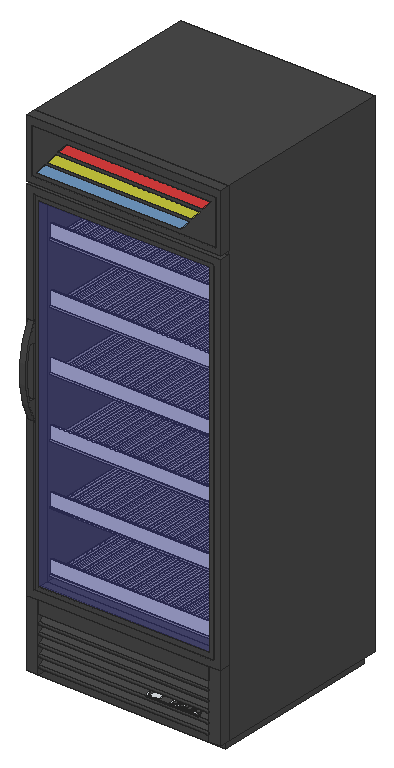
Revit family "QF_TRUE_GDM-26F-HST-HC~TSL01", category Specialty Equipment, Revit 2016 (continued)
Definition of nested family "GDM-26F-HST-HC~TSL01"
  Definition of nested family "QF_LOGO_TRUE"
    Forms (in)
      Extrusion 1, solid, visible <- "Show Logo"
        sketch origin (-78.34647, -4.42964, -46.04482) x (1, 0, 0) y (0, 0.81135, 0.584561)
          loop
            arc (84.41984, 30.90778) -> (84.3777, 30.95378) -> (84.38042, 31.0161) r 0.08151
            line (84.38042, 31.0161) -> (84.56766, 31.41763) -> (84.44849, 31.41763) -> (84.25012, 30.99222)
            arc (84.25012, 30.99222) -> (84.21158, 30.94199) -> (84.15119, 30.92296) r 0.10527
            line (84.15119, 30.92296) -> (83.90842, 30.92296)
            arc (83.90842, 30.92296) -> (83.8674, 30.97642) -> (83.87619, 31.04323) r 0.08805
            line (83.87619, 31.04323) -> (84.05078, 31.41763) -> (83.92772, 31.41763) -> (83.72676, 30.98668)
            arc (83.72676, 30.98668) -> (83.68011, 30.94003) -> (83.61639, 30.92296) r 0.12745
            line (83.61639, 30.92296) -> (83.26484, 30.92296)
            arc (83.26484, 30.92296) -> (83.2017, 30.9524) -> (83.19563, 31.0218) r 0.06967
            line (83.19563, 31.0218) -> (83.31118, 31.26961) -> (83.47452, 31.26961)
            arc (83.47452, 31.26961) -> (83.50209, 31.35268) -> (83.56075, 31.41763) r 0.21289
            line (83.56075, 31.41763) -> (82.92244, 31.41763)
            arc (82.92244, 31.41763) -> (82.85151, 31.40191) -> (82.80242, 31.34834) r 0.12081
            line (82.80242, 31.34834) -> (82.6294, 30.9773)
            arc (82.6294, 30.9773) -> (82.58962, 30.93752) -> (82.53528, 30.92296) r 0.10869
            line (82.53528, 30.92296) -> (82.1542, 30.92296)
            arc (82.1542, 30.92296) -> (82.12446, 30.96315) -> (82.13012, 31.01283) r 0.06822
            line (82.13012, 31.01283) -> (82.38156, 31.48573) -> (83.01596, 31.48573) -> (83.09469, 31.65456) -> (82.46029, 31.65456) -> (82.53902, 31.8234) -> (82.31334, 31.8234) -> (82.23461, 31.65456) -> (81.15226, 31.65456)
          loop
            arc (85.15937, 31.26434) -> (85.13191, 31.25698) -> (85.1118, 31.23688) r 0.05494
            line (85.1118, 31.23688) -> (85.09547, 31.18665)
            arc (85.09547, 31.18665) -> (85.10304, 31.16837) -> (85.12133, 31.16079) r 0.02586
            line (85.12133, 31.16079) -> (85.39889, 31.16079)
            arc (85.39889, 31.16079) -> (85.41888, 31.16523) -> (85.43513, 31.1777) r 0.04731
            line (85.43513, 31.1777) -> (85.44863, 31.2402)
            arc (85.44863, 31.2402) -> (85.44466, 31.25693) -> (85.42914, 31.26434) r 0.01994
            line (85.42914, 31.26434) -> (85.15937, 31.26434)
          loop
            line (78.62961, 30.74125) -> (80.12032, 30.74125) -> (80.73891, 31.81268) -> (79.2482, 31.81268) -> (78.62961, 30.74125)
        from 34.76797 to 34.83173
      Extrusion 2, solid, visible <- "Show Logo"
        sketch origin (-142.84857, -6.74811, -47.69308) x (1, 0, 0) y (0, 0.81135, 0.584561)
          loop
            line (150.81107, 34.71978) -> (142.98607, 34.71978) -> (142.98607, 33.4921) -> (150.81107, 33.4921) -> (150.81107, 34.71978)
        from 34.75108 to 34.78125
      Extrusion 3, solid, visible <- "Show Logo"
        sketch origin (-142.84857, -6.74811, -47.69308) x (1, 0, 0) y (0, 0.81135, 0.584561)
          loop
            line (150.94857, 34.85727) -> (142.84857, 34.85727) -> (142.84857, 33.3546) -> (150.94857, 33.3546) -> (150.94857, 34.85727)
          loop
            line (142.98607, 34.71978) -> (142.98607, 33.4921) -> (150.81107, 33.4921) -> (150.81107, 34.71978) -> (142.98607, 34.71978)
        from 34.75108 to 34.81376
    Dimensions and locks (in)
      aligned and locked: level to plane 2
      aligned and locked: Extrusion 2 to Extrusion 3  (x2)
      aligned and locked: Extrusion 2 sketch curve to Extrusion 3
Definition of nested family "CASTER-LEGS"
  Parameters (values of type "CASTER-LEGS")
    Weight = ""
    URL Manufacturer = ""
    URL Cutsheet = ""
    URL = ""
    Type Mark [instance] = ""
    Status [instance] = ""
    Specification by User [instance] = ""
    Specification by Manufacturer = ""
    Show Siesmic Flanged [instance] = yes
    Show 6 Inches Legs [instance] = yes
    Show 4" Casters [instance] = yes
    Show 2.5 Casters [instance] = yes
    Serial Number = ""
    Seismic Rating = ""
    SMACNA No = ""
    Revision Code [instance] = ""
    Omniclass Number and Title = ""
    NAFEM Spec ID Number = ""
    Model = ""
    MasterSpec. = ""
    Manufacturer = ""
    Low Profile [instance] = yes
    Item Number [instance] = ""
    Installed By [instance] = ""
    Identify Quantity as Lot [instance] = yes
    Furnished By [instance] = ""
    Foodservice Equipment Identifier [instance] = yes
    Description = ""
    CSI MasterFormat = ""
    CSI Master Format = ""
    Assembly Code = ""
  Reference planes (in)
    plane 1: z = 0
    plane 2 "RIGHT": x = 0
    plane 3 "FRONT": y = 0
    plane 4 "TOP": z = 6
    plane 5: z = 2.125
    plane 6: z = 2.5
    plane 7: z = 6.25
  Forms (in)
    Revolve 1, solid, visible <- "Show 6 Inches Legs"
      sketch origin (11.12172, 0, 0) x (-1, 0, 0) y (0, 0, -1)
        loop
          line (11.12172, -6) -> (11.12172, 0) -> (10.62172, 0) -> (10.62172, -1.30261) -> (10.37172, -1.30261) -> (10.37172, -6) -> (11.12172, -6)
        axis (11.12172, 0) -> (11.12172, -6)
      angle from 0 to 360
    Extrusion 2, solid, visible <- "Show Siesmic Flanged"
      sketch origin (0, 0, 0) x (1, 0, 0) y (0, 1, 0)
        loop
          circle (-0.00825, 0) r 1
      from 0 to 0.125
    Revolve 3, solid, visible <- "Show Siesmic Flanged"
      sketch origin (11.12172, 0, 0) x (-1, 0, 0) y (0, 0, -1)
        loop
          line (11.12172, -6) -> (11.12172, -0.125) -> (10.62172, -0.125) -> (10.62172, -1.30261) -> (10.37172, -1.30261) -> (10.37172, -6) -> (11.12172, -6)
        axis (11.12172, -0.125) -> (11.12172, -6)
      angle from 0 to 360
  Dimensions and locks (in)
    plane 4 "TOP" to level = 6"  (x2)
    locked: Revolve 1 sketch curve to Revolve 1 sketch curve at 1.30261
    locked: Revolve 1 sketch curve to Revolve 1 sketch curve at 0.75
    plane 6 to plane 1 = 2 1/2"
    plane 5 to plane 1 = 2 1/8"
    plane 7 to plane 1 = 6 1/4"
    locked: Revolve 3 sketch curve to Revolve 3 sketch curve at 0.75
    aligned and locked: level to plane 1
  Nested families (in)
    nested 1: "C4" at (0, 0, 0), Show 4 Inches Casters <- "Show 4" Casters", visible <- "Show 4" Casters", type "C4"
      with Type Mark "", Specification by User "", Show 4 Inches Casters yes, Revision Code "", Item Number "", Installed By "", Identify Quantity as Lot yes, Furnished By "", Foodservice Equipment Identifier yes
    nested 2: "C2.5" at (0, -0.86941, 0), 2.5 Inches Caster <- "Show 2.5 Casters", visible <- "Show 2.5 Casters", type "C2.5"
      with Type Mark "", Status "", Specification by User "", Revision Code "", Item Number "", Installed By "", Identify Quantity as Lot yes, Furnished By "", Foodservice Equipment Identifier yes, 2.5 Inches Caster yes
  Definition of nested family "C4"
    Parameters
      Weight = ""
      URL Manufacturer = ""
      URL Cutsheet = ""
      URL = ""
      Type Mark [instance] = ""
      Specification by User [instance] = ""
      Specification by Manufacturer = ""
      Show 4 Inches Casters [instance] = yes
      Serial Number = ""
      Seismic Rating = ""
      SMACNA No = ""
      Revision Code [instance] = ""
      Omniclass Number and Title = ""
      NAFEM Spec ID Number = ""
      Model = ""
      MasterSpec. = ""
      Manufacturer = ""
      Item Number [instance] = ""
      Installed By [instance] = ""
      Identify Quantity as Lot [instance] = yes
      Furnished By [instance] = ""
      Foodservice Equipment Identifier [instance] = yes
      Description = ""
      CSI MasterFormat = ""
      CSI Master Format = ""
      Assembly Code = ""
    Reference planes (in)
      plane 1: z = 0
      plane 2 "RIGHT": x = 0
      plane 3 "FRONT": y = 0
      plane 4 "TOP": z = 4
    Forms (in)
      Revolve 1, solid, visible <- "Show 4 Inches Casters"
        sketch origin (-1.93794, 0.83816, -1.0041) x (1, 0, 0) y (0, 0, 1)
          loop
            line (0.74055, 2.5041) -> (3.15007, 2.5041) -> (3.15007, 2.5796) -> (3.10007, 2.6296) -> (3.04007, 2.6296) -> (3.04007, 2.74967) -> (2.62438, 2.74967) -> (2.62438, 2.93884) -> (2.48438, 3.01967) -> (2.45908, 3.17597) -> (2.51563, 3.17597) -> (2.51563, 3.41035) -> (2.48438, 3.41035) -> (2.48438, 4.0041) -> (1.375, 4.0041) -> (1.375, 3.41035) -> (1.34375, 3.41035) -> (1.34375, 3.17597) -> (1.4003, 3.17597) -> (1.37557, 3.02318) -> (1.235, 2.94202) -> (1.235, 2.74967) -> (0.85055, 2.74967) -> (0.85055, 2.6296) -> (0.79055, 2.6296) -> (0.74055, 2.5796) -> (0.74055, 2.5041)
          axis (0.74055, 2.5041) -> (3.15007, 2.5041)
        angle from 0 to 360
      Extrusion 2, solid, visible <- "Show 4 Inches Casters"
        sketch origin (-1.93794, 1.80294, -1.7541) x (0, 1, 0) y (0, 0, 1)
          loop
            line (-3.08794, 5.33423) -> (-3.08794, 5.00584) -> (-2.69466, 5.00584)
            arc (-2.69466, 5.00584) -> (-1.57175, 4.94895) -> (-0.46376, 4.75787) r 9.36411
            arc (-0.46376, 4.75787) -> (-0.05889, 4.58436) -> (0.28335, 4.30705) r 1.60049
            line (0.28335, 4.30705) -> (0.34449, 4.39437)
            arc (0.34449, 4.39437) -> (0.12713, 4.6163) -> (-0.1239, 4.79931) r 1.8753
            line (-0.1239, 4.79931) -> (-0.05749, 4.91421)
            arc (-0.05749, 4.91421) -> (-0.33807, 5.05694) -> (-0.64294, 5.13542) r 1.44292
            line (-0.64294, 5.13542) -> (-0.64294, 5.33423) -> (-3.08794, 5.33423)
        from 1.1267 to 2.74918
      Revolve 3, solid, visible <- "Show 4 Inches Casters"
        sketch origin (0, 2.15543, -2.25) x (0, 1, 0) y (0, 0, 1)
          loop
            line (-2.21793, 6.25) -> (-2.21793, 5.83014) -> (-1.05793, 5.83014) -> (-1.05793, 6.25) -> (-2.21793, 6.25)
          axis (-2.21793, 5.83014) -> (-2.21793, 6.25)
        angle from 0 to 360
      Extrusion 4, solid, visible <- "Show 4 Inches Casters"
        sketch origin (-1.93794, 1.80294, -1.7541) x (0, 1, 0) y (0, 0, 1)
          loop
            line (-3.08794, 5.33423) -> (-3.08794, 5.00584) -> (-2.8913, 5.00584)
            arc (-2.8913, 5.00584) -> (-2.09118, 4.14057) -> (-1.45681, 3.14736) r 6.63355
            arc (-1.45681, 3.14736) -> (-0.85703, 2.75969) -> (-0.4561, 3.35069) r 0.5107
            arc (-0.4561, 3.35069) -> (-0.27092, 3.92503) -> (0.24034, 4.24562) r 0.88136
            line (0.24034, 4.24562) -> (0.34449, 4.39437)
            arc (0.34449, 4.39437) -> (0.12713, 4.6163) -> (-0.1239, 4.79931) r 1.8753
            line (-0.1239, 4.79931) -> (-0.05749, 4.91421)
            arc (-0.05749, 4.91421) -> (-0.33807, 5.05694) -> (-0.64294, 5.13542) r 1.44292
            line (-0.64294, 5.13542) -> (-0.64294, 5.33423) -> (-3.08794, 5.33423)
        from 2.74918 to 2.90825
      Extrusion 5, solid, visible <- "Show 4 Inches Casters"
        sketch origin (1.93794, 1.80294, -1.7541) x (0, 1, 0) y (0, 0, -1)
          loop
            line (-3.08794, -5.33423) -> (-0.64294, -5.33423) -> (-0.64294, -5.13542)
            arc (-0.64294, -5.13542) -> (-0.33807, -5.05694) -> (-0.05749, -4.91421) r 1.44292
            line (-0.05749, -4.91421) -> (-0.1239, -4.79931)
            arc (-0.1239, -4.79931) -> (0.12713, -4.6163) -> (0.34449, -4.39437) r 1.8753
            line (0.34449, -4.39437) -> (0.24034, -4.24562)
            arc (0.24034, -4.24562) -> (-0.27092, -3.92503) -> (-0.4561, -3.35069) r 0.88136
            arc (-0.4561, -3.35069) -> (-0.85703, -2.75969) -> (-1.45681, -3.14736) r 0.5107
            arc (-1.45681, -3.14736) -> (-2.09118, -4.14057) -> (-2.8913, -5.00584) r 6.63355
            line (-2.8913, -5.00584) -> (-3.08794, -5.00584) -> (-3.08794, -5.33423)
        from 2.74918 to 2.90825
    Cuts and joins
      joined: Extrusion 2, Extrusion 4, Extrusion 5
    Lines and regions (in)
      symbolic lines, visible <- "Show 4 Inches Casters"
        curve 1: line (0.28481, 1.83041, 0) -> (1.24556, 1.27572, 0)
        curve 2: line (-1.26206, -0.84886, 0) -> (0.28481, 1.83041, 0)
        curve 3: line (-0.30132, -1.40355, 0) -> (-1.26206, -0.84886, 0)
        curve 4: line (1.24556, 1.27572, 0) -> (-0.30132, -1.40355, 0)
    Dimensions and locks (in)
      plane 4 "TOP" to level = 4"  (x2)
      aligned and locked: level to plane 1
  Definition of nested family "C2.5"
    Parameters
      Weight = ""
      URL Manufacturer = ""
      URL Cutsheet = ""
      URL = ""
      Type Mark [instance] = ""
      Status [instance] = ""
      Specification by User [instance] = ""
      Specification by Manufacturer = ""
      Serial Number = ""
      Seismic Rating = ""
      SMACNA No = ""
      Revision Code [instance] = ""
      Omniclass Number and Title = ""
      NAFEM Spec ID Number = ""
      Model = ""
      MasterSpec. = ""
      Manufacturer = ""
      Item Number [instance] = ""
      Installed By [instance] = ""
      Identify Quantity as Lot [instance] = yes
      Furnished By [instance] = ""
      Foodservice Equipment Identifier [instance] = yes
      Description = ""
      CSI MasterFormat = ""
      CSI Master Format = ""
      Assembly Code = ""
      2.5 Inches Caster [instance] = yes
    Reference planes (in)
      plane 1: z = 0
      plane 2 "RIGHT": x = 0
      plane 3 "FRONT": y = 0
      plane 4 "TOP": z = 2.5
    Forms (in)
      Revolve 1, solid, visible <- "2.5 Inches Caster"
        sketch origin (-1.93794, 0.83816, -1.0041) x (1, 0, 0) y (0, 0, 1)
          loop
            line (0.74055, 1.92597) -> (0.74055, 1.85047) -> (0.79055, 1.80047) -> (0.85055, 1.80047) -> (0.85055, 1.6804) -> (1.235, 1.6804) -> (1.235, 1.61305) -> (1.38673, 1.52545) -> (1.4003, 1.4416) -> (1.34375, 1.4416) -> (1.34375, 1.3166) -> (1.375, 1.3166) -> (1.375, 1.0041) -> (2.48438, 1.0041) -> (2.48438, 1.3166) -> (2.51563, 1.3166) -> (2.51563, 1.4416) -> (2.45908, 1.4416) -> (2.47322, 1.52897) -> (2.62438, 1.61624) -> (2.62438, 1.6804) -> (3.04007, 1.6804) -> (3.04007, 1.80047) -> (3.10007, 1.80047) -> (3.15007, 1.85047) -> (3.15007, 1.92597) -> (0.74055, 1.92597)
          axis (0.74055, 1.92597) -> (3.15007, 1.92597)
        angle from 0 to 360
      Extrusion 2, solid, visible <- "2.5 Inches Caster"
        sketch origin (-1.93794, 1.80294, -3.2541) x (0, 1, 0) y (0, 0, 1)
          loop
            line (-0.64294, 5.43229) -> (-0.64294, 5.55298) -> (-2.21294, 5.55298) -> (-2.21294, 5.30272) -> (-1.81966, 5.30272)
            arc (-1.81966, 5.30272) -> (-1.13638, 5.20789) -> (-0.46376, 5.05475) r 8.02767
            arc (-0.46376, 5.05475) -> (-0.19511, 4.95469) -> (0.05138, 4.80832) r 1.60049
            line (0.05138, 4.80832) -> (0.12713, 4.91318)
            arc (0.12713, 4.91318) -> (-0.07255, 5.06376) -> (-0.29048, 5.18644) r 1.8753
            line (-0.29048, 5.18644) -> (-0.22239, 5.30423)
            arc (-0.22239, 5.30423) -> (-0.42776, 5.38437) -> (-0.64294, 5.43229) r 1.44292
        from 1.17357 to 2.70231
      Revolve 3, solid, visible <- "2.5 Inches Caster"
        sketch origin (0, 2.10856, -3.75) x (0, 1, 0) y (0, 0, 1)
          loop
            line (-1.73858, 6.25) -> (-1.73858, 6.04889) -> (-1.05793, 6.04889) -> (-1.05793, 6.25) -> (-1.73858, 6.25)
          axis (-1.73858, 6.04889) -> (-1.73858, 6.25)
        angle from 0 to 360
      Extrusion 4, solid, visible <- "2.5 Inches Caster"
        sketch origin (-1.98481, 1.80294, -1.7541) x (0, 1, 0) y (0, 0, 1)
          loop
            line (-2.21294, 4.05298) -> (-2.21294, 3.80272) -> (-2.13999, 3.80272)
            arc (-2.13999, 3.80272) -> (-1.62379, 3.51899) -> (-1.39241, 2.97729) r 0.90292
            arc (-1.39241, 2.97729) -> (-1.36136, 2.78161) -> (-1.29729, 2.59413) r 1.15385
            arc (-1.29729, 2.59413) -> (-0.94802, 2.37355) -> (-0.6121, 2.61396) r 0.37001
            arc (-0.6121, 2.61396) -> (-0.59625, 2.66241) -> (-0.58446, 2.712) r 0.61695
            arc (-0.58446, 2.712) -> (-0.36134, 3.11665) -> (0.05609, 3.31484) r 0.75313
            line (0.05609, 3.31484) -> (0.12713, 3.41318)
            arc (0.12713, 3.41318) -> (-0.07255, 3.56376) -> (-0.29048, 3.68644) r 1.8753
            line (-0.29048, 3.68644) -> (-0.22239, 3.80423)
            arc (-0.22239, 3.80423) -> (-0.42776, 3.88437) -> (-0.64294, 3.93229) r 1.44292
            line (-0.64294, 3.93229) -> (-0.64294, 4.05298) -> (-2.21294, 4.05298)
        from 2.74918 to 2.90825
      Extrusion 5, solid, visible <- "2.5 Inches Caster"
        sketch origin (1.98481, 1.80294, -1.7541) x (0, 1, 0) y (0, 0, -1)
          loop
            line (-2.21294, -4.05298) -> (-0.64294, -4.05298) -> (-0.64294, -3.93229)
            arc (-0.64294, -3.93229) -> (-0.42776, -3.88437) -> (-0.22239, -3.80423) r 1.44292
            line (-0.22239, -3.80423) -> (-0.29048, -3.68644)
            arc (-0.29048, -3.68644) -> (-0.07255, -3.56376) -> (0.12713, -3.41318) r 1.8753
            line (0.12713, -3.41318) -> (0.05609, -3.31484)
            arc (0.05609, -3.31484) -> (-0.36134, -3.11665) -> (-0.58446, -2.712) r 0.75313
            arc (-0.58446, -2.712) -> (-0.59625, -2.66241) -> (-0.6121, -2.61396) r 0.61695
            arc (-0.6121, -2.61396) -> (-0.94802, -2.37355) -> (-1.29729, -2.59413) r 0.37001
            arc (-1.29729, -2.59413) -> (-1.36136, -2.78161) -> (-1.39241, -2.97729) r 1.15385
            arc (-1.39241, -2.97729) -> (-1.62379, -3.51899) -> (-2.13999, -3.80272) r 0.90292
            line (-2.13999, -3.80272) -> (-2.21294, -3.80272) -> (-2.21294, -4.05298)
        from 2.74918 to 2.90825
    Lines and regions (in)
      symbolic lines, visible <- "2.5 Inches Caster"
        curve 1: line (0.10651, 1.96132, 0) -> (0.80944, 1.55548, 0)
        curve 2: line (-0.89349, 0.22927, 0) -> (0.10651, 1.96132, 0)
        curve 3: line (-0.19056, -0.17657, 0) -> (-0.89349, 0.22927, 0)
        curve 4: line (0.80944, 1.55548, 0) -> (-0.19056, -0.17657, 0)
    Dimensions and locks (in)
      plane 4 "TOP" to level = 2 1/2"  (x2)
      aligned and locked: level to plane 1
